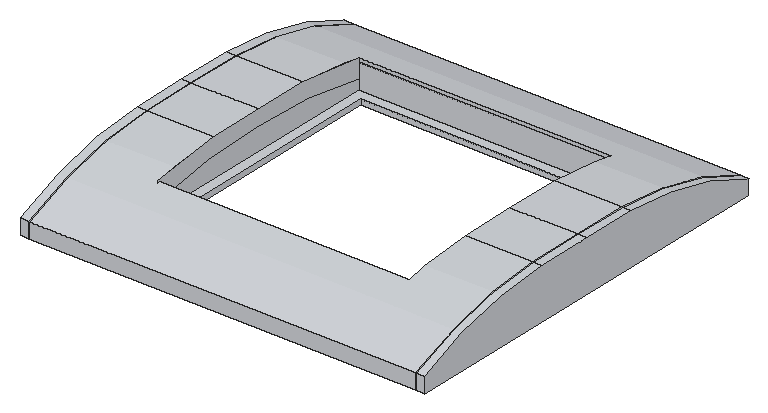
Revit family "Gira_0211738", category Electrical Fixtures, host Face, Revit 2017
Family settings
  Host = Face
  Maintain Annotation Orientation = No
  Round Connector Dimension = Use Diameter
  Part Type = Normal
  Cut with Voids When Loaded = No
  Shared = No
  Room Calculation Point = No
Parameters (values of type "Cov.fr. 1-g interm.fr. AN Gira Event Clear black")
  URL = "http://katalog.gira.de/en/datenblatt.html?artikelnr=0211738"
  Transparent = "No"
  Name = "Cov.fr. 1-g interm.fr. AN Gira Event Clear black"
  Manufacturer URL = "https://www.gira.de/"
  Manufacturer = "Gira"
  Label space/information surface = "No"
  Keynote = ""
  HeinzeBIM = "https://bimportal.heinze.de/bim/cov-fr-1-g-interm-fr-an-gira-event-clear-black/7af9d2a2f918a6729f966f12fdc1d69e356a9f35"
  HAN = "0211738"
  GTIN = "4010337068907"
  Description = "Cov.fr.1g i.fr.AN EvCl BK,Gira Event Clear cover frame,black with anthracite intermediate frame,1-gang,Features:,- Shatter-proof."
  Default Elevation = 1219.2 mm
  Data sheet (1) = "https://katalog.gira.de/en/download.html?artikelnr=0211738"
  Category = "Cover frame for domestic switching devices"
  BIM (1) = "https://media.stage.bim.site/public/gira/36a6b08/Event_Rahmen_1fach.rfa"
  Available = "No"
Reference planes
  plane 1 "Center (Front/Back)": y = 0
  plane 2: z = 0
  plane 3 "Center (Left/Right)": x = 0
Forms (mm)
  Extrusion 1, solid, detail levels fine
    sketch origin (0, 0, 1.55) x (0, 1, 0) y (0, 0, 1)
      loop
        arc (12.445, 9.683) -> (6.223, 9.833) -> (0, 9.85) r 291.636
        arc (0, 9.85) -> (-6.223, 9.833) -> (-12.445, 9.683) r 291.636
        arc (-12.445, 9.683) -> (-29.14, 7.482) -> (-45, 1.823) r 79.728
        line (-45, 1.823) -> (-45, -1.55) -> (-41.777, -1.55) -> (-41.777, -0.55)
        arc (-41.777, -0.55) -> (-21.205, 4.846) -> (0, 6.467) r 118.15
        arc (0, 6.467) -> (21.205, 4.846) -> (41.777, -0.55) r 118.15
        line (41.777, -0.55) -> (41.777, -1.55) -> (45, -1.55) -> (45, 1.823)
        arc (45, 1.823) -> (29.14, 7.482) -> (12.445, 9.683) r 79.728
    from -43 to 43
  Extrusion 2, void, detail levels fine
    sketch origin (0, 0, 0) x (1, 0, 0) y (0, 1, 0)
      loop
        line (-28, -28) -> (28, -28) -> (28, 28) -> (-28, 28) -> (-28, -28)
    from 2.85 to 12
  Extrusion 3, solid, detail levels coarse
    sketch origin (0, 0, 0) x (1, 0, 0) y (0, 1, 0)
      loop
        line (-45, 45) -> (-45, -45) -> (45, -45) -> (45, 45) -> (-45, 45)
    from 0 to 11.4
  Extrusion 4, solid, detail levels medium
    sketch origin (0, 0, 1.55) x (0, 1, 0) y (0, 0, 1)
      loop
        arc (12.445, 9.683) -> (6.223, 9.833) -> (0, 9.85) r 291.636
        arc (0, 9.85) -> (-6.223, 9.833) -> (-12.445, 9.683) r 291.636
        arc (-12.445, 9.683) -> (-29.14, 7.482) -> (-45, 1.823) r 79.728
        line (-45, 1.823) -> (-45, -1.55) -> (45, -1.55) -> (45, 1.823)
        arc (45, 1.823) -> (29.14, 7.482) -> (12.445, 9.683) r 79.728
    from -45 to 45
  Extrusion 5, solid, detail levels fine
    sketch origin (0, 0, 0) x (0, 1, 0) y (0, 0, 1)
      loop
        arc (45, 3.373) -> (29.14, 9.032) -> (12.445, 11.233) r 79.728
        arc (12.445, 11.233) -> (6.223, 11.383) -> (0, 11.4) r 291.636
        arc (0, 11.4) -> (-6.223, 11.383) -> (-12.445, 11.233) r 291.636
        arc (-12.445, 11.233) -> (-29.14, 9.032) -> (-45, 3.373) r 79.728
        line (-45, 3.373) -> (-45, 0) -> (45, 0) -> (45, 3.373)
    from 43 to 45
  Extrusion 6, solid, detail levels fine
    sketch origin (0, 0, 0) x (0, 1, 0) y (0, 0, -1)
      loop
        line (45, -3.373) -> (45, 0) -> (-45, 0) -> (-45, -3.373)
        arc (-45, -3.373) -> (-29.14, -9.032) -> (-12.445, -11.233) r 79.728
        arc (-12.445, -11.233) -> (-6.223, -11.383) -> (0, -11.4) r 291.636
        arc (0, -11.4) -> (6.223, -11.383) -> (12.445, -11.233) r 291.636
        arc (12.445, -11.233) -> (29.14, -9.032) -> (45, -3.373) r 79.728
    from 43 to 45
  Extrusion 7, solid, detail levels fine
    sketch origin (0, 0, 0) x (1, 0, 0) y (0, 1, 0)
      loop
        line (-25.7, 25.7) -> (-25.7, -25.7) -> (25.7, -25.7) -> (25.7, 25.7) -> (-25.7, 25.7)
      loop
        line (-29.495, 27.895) -> (-29.495, -27.895)
        spline (-29.495, -27.895) -> (-29.486, -28.025) -> (-29.461, -28.154) -> (-29.419, -28.278) -> (-29.361, -28.395) -> (-29.288, -28.504) -> (-29.202, -28.602) -> (-29.104, -28.688) -> (-28.995, -28.761) -> (-28.878, -28.819) -> (-28.754, -28.861) -> (-28.625, -28.886) -> (-28.495, -28.895)
        line (-28.495, -28.895) -> (28.495, -28.895)
        spline (28.495, -28.895) -> (28.625, -28.886) -> (28.754, -28.861) -> (28.878, -28.819) -> (28.995, -28.761) -> (29.104, -28.688) -> (29.202, -28.602) -> (29.288, -28.504) -> (29.361, -28.395) -> (29.419, -28.278) -> (29.461, -28.154) -> (29.486, -28.025) -> (29.495, -27.895)
        line (29.495, -27.895) -> (29.495, 27.895)
        spline (29.495, 27.895) -> (29.486, 28.025) -> (29.461, 28.154) -> (29.419, 28.278) -> (29.361, 28.395) -> (29.288, 28.504) -> (29.202, 28.602) -> (29.104, 28.688) -> (28.995, 28.761) -> (28.878, 28.819) -> (28.754, 28.861) -> (28.625, 28.886) -> (28.495, 28.895)
        line (28.495, 28.895) -> (-28.495, 28.895)
        spline (-28.495, 28.895) -> (-28.625, 28.886) -> (-28.754, 28.861) -> (-28.878, 28.819) -> (-28.995, 28.761) -> (-29.104, 28.688) -> (-29.202, 28.602) -> (-29.288, 28.504) -> (-29.361, 28.395) -> (-29.419, 28.278) -> (-29.461, 28.154) -> (-29.486, 28.025) -> (-29.495, 27.895)
    from 1.673 to 8.5
Cuts and joins
  Extrusion 2 cuts Extrusion 1
  Extrusion 2 cuts Extrusion 7
Dimensions and locks
  aligned and locked: plane 2 to host face
  aligned and locked: level to host face
